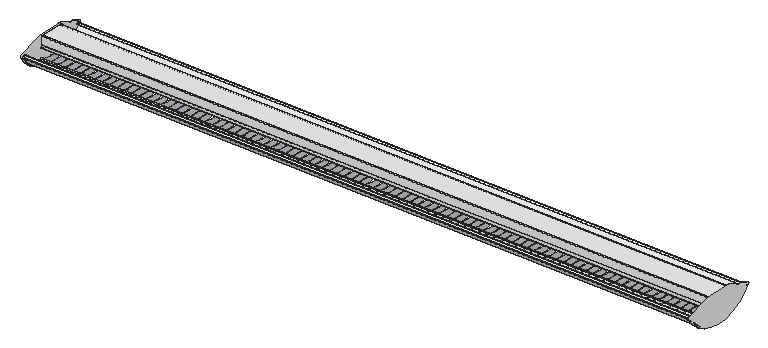
Revit family "LCBA92", category Lighting Fixtures, host Ceiling, Revit 2019 (continued)
Automatic sketch dimensions
  Extrusion 67 sketch curve to Extrusion 67 sketch curve = 0' - 0.13108"
  Extrusion 67 sketch curve to Extrusion 67 sketch curve = 0' - 0.13208"
  Extrusion 67 sketch curve to Extrusion 67 sketch curve = 0' - 0.00107"
  Extrusion 67 sketch curve to Extrusion 67 sketch curve = 0' - 0.00122"
  Extrusion 67 sketch curve to Extrusion 67 sketch curve = 0' - 0.17689"
  Extrusion 67 sketch curve to Extrusion 67 sketch curve = 0' - 0.1749"
  Extrusion 68 sketch curve to Extrusion 68 sketch curve = 0' - 5.49786"
  Extrusion 68 sketch curve to Extrusion 68 sketch curve = 0' - 0.72846"
  Extrusion 68 sketch curve to Extrusion 68 sketch curve = 0' - 0.24983"
  Extrusion 68 sketch curve to Extrusion 68 sketch curve = 0' - 0.04916"
  Extrusion 68 sketch curve to Extrusion 68 sketch curve = 0' - 0.53161"
  Extrusion 68 sketch curve to Extrusion 68 sketch curve = 0' - 0.11075"
  Extrusion 68 sketch curve to Extrusion 68 sketch curve = 0' - 0.0006"
  Extrusion 68 sketch curve to Extrusion 68 sketch curve = 0' - 0.0618"
  Extrusion 68 sketch curve to Extrusion 68 sketch curve = 0' - 0.05701"
  Extrusion 68 sketch curve to Extrusion 68 sketch curve = 0' - 0.25043"
  Extrusion 68 sketch curve to Extrusion 68 sketch curve = 0' - 0.11521"
  Extrusion 68 sketch curve to Extrusion 68 sketch curve = 0' - 0.04319"
  Extrusion 68 sketch curve to Extrusion 68 sketch curve = 0' - 0.08945"
  Extrusion 68 sketch curve to Extrusion 68 sketch curve = 0' - 0.05729"
  Extrusion 68 sketch curve to Extrusion 68 sketch curve = 0' - 0.02148"
  Extrusion 68 sketch curve to Extrusion 68 sketch curve = 0' - 0.04651"
  Extrusion 68 sketch curve to Extrusion 68 sketch curve = 0' - 0.11432"
  Extrusion 68 sketch curve to Extrusion 68 sketch curve = 0' - 0.00404"
  Extrusion 68 sketch curve to Extrusion 68 sketch curve = 0' - 0.06156"
  Extrusion 68 sketch curve to Extrusion 68 sketch curve = 0' - 0.05777"
  Extrusion 68 sketch curve to Extrusion 68 sketch curve = 0' - 0.24957"
  Extrusion 68 sketch curve to Extrusion 68 sketch curve = 0' - 0.1164"
  Extrusion 68 sketch curve to Extrusion 68 sketch curve = 0' - 0.0434"
  Extrusion 68 sketch curve to Extrusion 68 sketch curve = 0' - 0.08957"
  Extrusion 68 sketch curve to Extrusion 68 sketch curve = 0' - 0.05878"
  Extrusion 68 sketch curve to Extrusion 68 sketch curve = 0' - 0.02204"
  Extrusion 68 sketch curve to Extrusion 68 sketch curve = 0' - 0.11777"
  Extrusion 68 sketch curve to Extrusion 68 sketch curve = 0' - 1.81406"
  Extrusion 68 sketch curve to Extrusion 68 sketch curve = 0' - 0"
  Extrusion 68 sketch curve to Extrusion 68 sketch curve = 0' - 3.62674"
  Extrusion 68 sketch curve to Extrusion 68 sketch curve = 0' - 0.13108"
  Extrusion 68 sketch curve to Extrusion 68 sketch curve = 0' - 0.13208"
  Extrusion 68 sketch curve to Extrusion 68 sketch curve = 0' - 0.00107"
  Extrusion 68 sketch curve to Extrusion 68 sketch curve = 0' - 0.00122"
  Extrusion 68 sketch curve to Extrusion 68 sketch curve = 0' - 0.17689"
  Extrusion 68 sketch curve to Extrusion 68 sketch curve = 0' - 0.1749"
  Extrusion 69 sketch curve to Extrusion 69 sketch curve = 0' - 5.49786"
  Extrusion 69 sketch curve to Extrusion 69 sketch curve = 0' - 0.72846"
  Extrusion 69 sketch curve to Extrusion 69 sketch curve = 0' - 0.24983"
  Extrusion 69 sketch curve to Extrusion 69 sketch curve = 0' - 0.04916"
  Extrusion 69 sketch curve to Extrusion 69 sketch curve = 0' - 0.53161"
  Extrusion 69 sketch curve to Extrusion 69 sketch curve = 0' - 0.11075"
  Extrusion 69 sketch curve to Extrusion 69 sketch curve = 0' - 0.0006"
  Extrusion 69 sketch curve to Extrusion 69 sketch curve = 0' - 0.0618"
  Extrusion 69 sketch curve to Extrusion 69 sketch curve = 0' - 0.05701"
  Extrusion 69 sketch curve to Extrusion 69 sketch curve = 0' - 0.25043"
  Extrusion 69 sketch curve to Extrusion 69 sketch curve = 0' - 0.11521"
  Extrusion 69 sketch curve to Extrusion 69 sketch curve = 0' - 0.04319"
  Extrusion 69 sketch curve to Extrusion 69 sketch curve = 0' - 0.08945"
  Extrusion 69 sketch curve to Extrusion 69 sketch curve = 0' - 0.05729"
  Extrusion 69 sketch curve to Extrusion 69 sketch curve = 0' - 0.02148"
  Extrusion 69 sketch curve to Extrusion 69 sketch curve = 0' - 0.04651"
  Extrusion 69 sketch curve to Extrusion 69 sketch curve = 0' - 0.11432"
  Extrusion 69 sketch curve to Extrusion 69 sketch curve = 0' - 0.00404"
  Extrusion 69 sketch curve to Extrusion 69 sketch curve = 0' - 0.06156"
  Extrusion 69 sketch curve to Extrusion 69 sketch curve = 0' - 0.05777"
  Extrusion 69 sketch curve to Extrusion 69 sketch curve = 0' - 0.24957"
  Extrusion 69 sketch curve to Extrusion 69 sketch curve = 0' - 0.1164"
  Extrusion 69 sketch curve to Extrusion 69 sketch curve = 0' - 0.0434"
  Extrusion 69 sketch curve to Extrusion 69 sketch curve = 0' - 0.08957"
  Extrusion 69 sketch curve to Extrusion 69 sketch curve = 0' - 0.05878"
  Extrusion 69 sketch curve to Extrusion 69 sketch curve = 0' - 0.02204"
  Extrusion 69 sketch curve to Extrusion 69 sketch curve = 0' - 0.11777"
  Extrusion 69 sketch curve to Extrusion 69 sketch curve = 0' - 1.81406"
  Extrusion 69 sketch curve to Extrusion 69 sketch curve = 0' - 0"
  Extrusion 69 sketch curve to Extrusion 69 sketch curve = 0' - 3.62674"
  Extrusion 69 sketch curve to Extrusion 69 sketch curve = 0' - 0.13108"
  Extrusion 69 sketch curve to Extrusion 69 sketch curve = 0' - 0.13208"
  Extrusion 69 sketch curve to Extrusion 69 sketch curve = 0' - 0.00107"
  Extrusion 69 sketch curve to Extrusion 69 sketch curve = 0' - 0.00122"
  Extrusion 69 sketch curve to Extrusion 69 sketch curve = 0' - 0.17689"
  Extrusion 69 sketch curve to Extrusion 69 sketch curve = 0' - 0.1749"
  Extrusion 70 sketch curve to Extrusion 70 sketch curve = 0' - 5.49786"
  Extrusion 70 sketch curve to Extrusion 70 sketch curve = 0' - 0.72846"
  Extrusion 70 sketch curve to Extrusion 70 sketch curve = 0' - 0.24983"
  Extrusion 70 sketch curve to Extrusion 70 sketch curve = 0' - 0.04916"
  Extrusion 70 sketch curve to Extrusion 70 sketch curve = 0' - 0.53161"
  Extrusion 70 sketch curve to Extrusion 70 sketch curve = 0' - 0.11075"
  Extrusion 70 sketch curve to Extrusion 70 sketch curve = 0' - 0.0006"
  Extrusion 70 sketch curve to Extrusion 70 sketch curve = 0' - 0.0618"
  Extrusion 70 sketch curve to Extrusion 70 sketch curve = 0' - 0.05701"
  Extrusion 70 sketch curve to Extrusion 70 sketch curve = 0' - 0.25043"
  Extrusion 70 sketch curve to Extrusion 70 sketch curve = 0' - 0.11521"
  Extrusion 70 sketch curve to Extrusion 70 sketch curve = 0' - 0.04319"
  Extrusion 70 sketch curve to Extrusion 70 sketch curve = 0' - 0.08945"
  Extrusion 70 sketch curve to Extrusion 70 sketch curve = 0' - 0.05729"
  Extrusion 70 sketch curve to Extrusion 70 sketch curve = 0' - 0.02148"
  Extrusion 70 sketch curve to Extrusion 70 sketch curve = 0' - 0.04651"
  Extrusion 70 sketch curve to Extrusion 70 sketch curve = 0' - 0.11432"
  Extrusion 70 sketch curve to Extrusion 70 sketch curve = 0' - 0.00404"
  Extrusion 70 sketch curve to Extrusion 70 sketch curve = 0' - 0.06156"
  Extrusion 70 sketch curve to Extrusion 70 sketch curve = 0' - 0.05777"
  Extrusion 70 sketch curve to Extrusion 70 sketch curve = 0' - 0.24957"
  Extrusion 70 sketch curve to Extrusion 70 sketch curve = 0' - 0.1164"
  Extrusion 70 sketch curve to Extrusion 70 sketch curve = 0' - 0.0434"
  Extrusion 70 sketch curve to Extrusion 70 sketch curve = 0' - 0.08957"
  Extrusion 70 sketch curve to Extrusion 70 sketch curve = 0' - 0.05878"
  Extrusion 70 sketch curve to Extrusion 70 sketch curve = 0' - 0.02204"
  Extrusion 70 sketch curve to Extrusion 70 sketch curve = 0' - 0.11777"
  Extrusion 70 sketch curve to Extrusion 70 sketch curve = 0' - 1.81406"
  Extrusion 70 sketch curve to Extrusion 70 sketch curve = 0' - 0"
  Extrusion 70 sketch curve to Extrusion 70 sketch curve = 0' - 3.62674"
  Extrusion 70 sketch curve to Extrusion 70 sketch curve = 0' - 0.13108"
  Extrusion 70 sketch curve to Extrusion 70 sketch curve = 0' - 0.13208"
  Extrusion 70 sketch curve to Extrusion 70 sketch curve = 0' - 0.00107"
  Extrusion 70 sketch curve to Extrusion 70 sketch curve = 0' - 0.00122"
  Extrusion 70 sketch curve to Extrusion 70 sketch curve = 0' - 0.17689"
  Extrusion 70 sketch curve to Extrusion 70 sketch curve = 0' - 0.1749"
  Extrusion 71 sketch curve to Extrusion 71 sketch curve = 0' - 5.49786"
  Extrusion 71 sketch curve to Extrusion 71 sketch curve = 0' - 0.72846"
  Extrusion 71 sketch curve to Extrusion 71 sketch curve = 0' - 0.24983"
  Extrusion 71 sketch curve to Extrusion 71 sketch curve = 0' - 0.04916"
  Extrusion 71 sketch curve to Extrusion 71 sketch curve = 0' - 0.53161"
  Extrusion 71 sketch curve to Extrusion 71 sketch curve = 0' - 0.11075"
  Extrusion 71 sketch curve to Extrusion 71 sketch curve = 0' - 0.0006"
  Extrusion 71 sketch curve to Extrusion 71 sketch curve = 0' - 0.0618"
  Extrusion 71 sketch curve to Extrusion 71 sketch curve = 0' - 0.05701"
  Extrusion 71 sketch curve to Extrusion 71 sketch curve = 0' - 0.25043"
  Extrusion 71 sketch curve to Extrusion 71 sketch curve = 0' - 0.11521"
  Extrusion 71 sketch curve to Extrusion 71 sketch curve = 0' - 0.04319"
  Extrusion 71 sketch curve to Extrusion 71 sketch curve = 0' - 0.08945"
  Extrusion 71 sketch curve to Extrusion 71 sketch curve = 0' - 0.05729"
  Extrusion 71 sketch curve to Extrusion 71 sketch curve = 0' - 0.02148"
  Extrusion 71 sketch curve to Extrusion 71 sketch curve = 0' - 0.04651"
  Extrusion 71 sketch curve to Extrusion 71 sketch curve = 0' - 0.11432"
  Extrusion 71 sketch curve to Extrusion 71 sketch curve = 0' - 0.00404"
  Extrusion 71 sketch curve to Extrusion 71 sketch curve = 0' - 0.06156"
  Extrusion 71 sketch curve to Extrusion 71 sketch curve = 0' - 0.05777"
  Extrusion 71 sketch curve to Extrusion 71 sketch curve = 0' - 0.24957"
  Extrusion 71 sketch curve to Extrusion 71 sketch curve = 0' - 0.1164"
  Extrusion 71 sketch curve to Extrusion 71 sketch curve = 0' - 0.0434"
  Extrusion 71 sketch curve to Extrusion 71 sketch curve = 0' - 0.08957"
  Extrusion 71 sketch curve to Extrusion 71 sketch curve = 0' - 0.05878"
  Extrusion 71 sketch curve to Extrusion 71 sketch curve = 0' - 0.02204"
  Extrusion 71 sketch curve to Extrusion 71 sketch curve = 0' - 0.11777"
  Extrusion 71 sketch curve to Extrusion 71 sketch curve = 0' - 1.81406"
  Extrusion 71 sketch curve to Extrusion 71 sketch curve = 0' - 0"
  Extrusion 71 sketch curve to Extrusion 71 sketch curve = 0' - 3.62674"
  Extrusion 71 sketch curve to Extrusion 71 sketch curve = 0' - 0.13108"
  Extrusion 71 sketch curve to Extrusion 71 sketch curve = 0' - 0.13208"
  Extrusion 71 sketch curve to Extrusion 71 sketch curve = 0' - 0.00107"
  Extrusion 71 sketch curve to Extrusion 71 sketch curve = 0' - 0.00122"
  Extrusion 71 sketch curve to Extrusion 71 sketch curve = 0' - 0.17689"
  Extrusion 71 sketch curve to Extrusion 71 sketch curve = 0' - 0.1749"
  Extrusion 72 sketch curve to Extrusion 72 sketch curve = 0' - 5.49786"
  Extrusion 72 sketch curve to Extrusion 72 sketch curve = 0' - 0.72846"
  Extrusion 72 sketch curve to Extrusion 72 sketch curve = 0' - 0.24983"
  Extrusion 72 sketch curve to Extrusion 72 sketch curve = 0' - 0.04916"
  Extrusion 72 sketch curve to Extrusion 72 sketch curve = 0' - 0.53161"
  Extrusion 72 sketch curve to Extrusion 72 sketch curve = 0' - 0.11075"
  Extrusion 72 sketch curve to Extrusion 72 sketch curve = 0' - 0.0006"
  Extrusion 72 sketch curve to Extrusion 72 sketch curve = 0' - 0.0618"
  Extrusion 72 sketch curve to Extrusion 72 sketch curve = 0' - 0.05701"
  Extrusion 72 sketch curve to Extrusion 72 sketch curve = 0' - 0.25043"
  Extrusion 72 sketch curve to Extrusion 72 sketch curve = 0' - 0.11521"
  Extrusion 72 sketch curve to Extrusion 72 sketch curve = 0' - 0.04319"
  Extrusion 72 sketch curve to Extrusion 72 sketch curve = 0' - 0.08945"
  Extrusion 72 sketch curve to Extrusion 72 sketch curve = 0' - 0.05729"
  Extrusion 72 sketch curve to Extrusion 72 sketch curve = 0' - 0.02148"
  Extrusion 72 sketch curve to Extrusion 72 sketch curve = 0' - 0.04651"
  Extrusion 72 sketch curve to Extrusion 72 sketch curve = 0' - 0.11432"
  Extrusion 72 sketch curve to Extrusion 72 sketch curve = 0' - 0.00404"
  Extrusion 72 sketch curve to Extrusion 72 sketch curve = 0' - 0.06156"
  Extrusion 72 sketch curve to Extrusion 72 sketch curve = 0' - 0.05777"
  Extrusion 72 sketch curve to Extrusion 72 sketch curve = 0' - 0.24957"
  Extrusion 72 sketch curve to Extrusion 72 sketch curve = 0' - 0.1164"
  Extrusion 72 sketch curve to Extrusion 72 sketch curve = 0' - 0.0434"
  Extrusion 72 sketch curve to Extrusion 72 sketch curve = 0' - 0.08957"
  Extrusion 72 sketch curve to Extrusion 72 sketch curve = 0' - 0.05878"
  Extrusion 72 sketch curve to Extrusion 72 sketch curve = 0' - 0.02204"
  Extrusion 72 sketch curve to Extrusion 72 sketch curve = 0' - 0.11777"
  Extrusion 72 sketch curve to Extrusion 72 sketch curve = 0' - 1.81406"
  Extrusion 72 sketch curve to Extrusion 72 sketch curve = 0' - 0"
  Extrusion 72 sketch curve to Extrusion 72 sketch curve = 0' - 3.62674"
  Extrusion 72 sketch curve to Extrusion 72 sketch curve = 0' - 0.13108"
  Extrusion 72 sketch curve to Extrusion 72 sketch curve = 0' - 0.13208"
  Extrusion 72 sketch curve to Extrusion 72 sketch curve = 0' - 0.00107"
  Extrusion 72 sketch curve to Extrusion 72 sketch curve = 0' - 0.00122"
  Extrusion 72 sketch curve to Extrusion 72 sketch curve = 0' - 0.17689"
  Extrusion 72 sketch curve to Extrusion 72 sketch curve = 0' - 0.1749"
  Extrusion 73 sketch curve to Extrusion 73 sketch curve = 0' - 5.49786"
  Extrusion 73 sketch curve to Extrusion 73 sketch curve = 0' - 0.72846"
  Extrusion 73 sketch curve to Extrusion 73 sketch curve = 0' - 0.24983"
  Extrusion 73 sketch curve to Extrusion 73 sketch curve = 0' - 0.04916"
  Extrusion 73 sketch curve to Extrusion 73 sketch curve = 0' - 0.53161"
  Extrusion 73 sketch curve to Extrusion 73 sketch curve = 0' - 0.11075"
  Extrusion 73 sketch curve to Extrusion 73 sketch curve = 0' - 0.0006"
  Extrusion 73 sketch curve to Extrusion 73 sketch curve = 0' - 0.0618"
  Extrusion 73 sketch curve to Extrusion 73 sketch curve = 0' - 0.05701"
  Extrusion 73 sketch curve to Extrusion 73 sketch curve = 0' - 0.25043"
  Extrusion 73 sketch curve to Extrusion 73 sketch curve = 0' - 0.11521"
  Extrusion 73 sketch curve to Extrusion 73 sketch curve = 0' - 0.04319"
  Extrusion 73 sketch curve to Extrusion 73 sketch curve = 0' - 0.08945"
  Extrusion 73 sketch curve to Extrusion 73 sketch curve = 0' - 0.05729"
  Extrusion 73 sketch curve to Extrusion 73 sketch curve = 0' - 0.02148"
  Extrusion 73 sketch curve to Extrusion 73 sketch curve = 0' - 0.04651"
  Extrusion 73 sketch curve to Extrusion 73 sketch curve = 0' - 0.11432"
  Extrusion 73 sketch curve to Extrusion 73 sketch curve = 0' - 0.00404"
  Extrusion 73 sketch curve to Extrusion 73 sketch curve = 0' - 0.06156"
  Extrusion 73 sketch curve to Extrusion 73 sketch curve = 0' - 0.05777"
  Extrusion 73 sketch curve to Extrusion 73 sketch curve = 0' - 0.24957"
  Extrusion 73 sketch curve to Extrusion 73 sketch curve = 0' - 0.1164"
  Extrusion 73 sketch curve to Extrusion 73 sketch curve = 0' - 0.0434"
  Extrusion 73 sketch curve to Extrusion 73 sketch curve = 0' - 0.08957"
  Extrusion 73 sketch curve to Extrusion 73 sketch curve = 0' - 0.05878"
  Extrusion 73 sketch curve to Extrusion 73 sketch curve = 0' - 0.02204"
  Extrusion 73 sketch curve to Extrusion 73 sketch curve = 0' - 0.11777"
  Extrusion 73 sketch curve to Extrusion 73 sketch curve = 0' - 1.81406"
  Extrusion 73 sketch curve to Extrusion 73 sketch curve = 0' - 0"
  Extrusion 73 sketch curve to Extrusion 73 sketch curve = 0' - 3.62674"
  Extrusion 73 sketch curve to Extrusion 73 sketch curve = 0' - 0.13108"
  Extrusion 73 sketch curve to Extrusion 73 sketch curve = 0' - 0.13208"
  Extrusion 73 sketch curve to Extrusion 73 sketch curve = 0' - 0.00107"
  Extrusion 73 sketch curve to Extrusion 73 sketch curve = 0' - 0.00122"
  Extrusion 73 sketch curve to Extrusion 73 sketch curve = 0' - 0.17689"
  Extrusion 73 sketch curve to Extrusion 73 sketch curve = 0' - 0.1749"
  Extrusion 74 sketch curve to Extrusion 74 sketch curve = 0' - 5.49786"
  Extrusion 74 sketch curve to Extrusion 74 sketch curve = 0' - 0.72846"
  Extrusion 74 sketch curve to Extrusion 74 sketch curve = 0' - 0.24983"
  Extrusion 74 sketch curve to Extrusion 74 sketch curve = 0' - 0.04916"
  Extrusion 74 sketch curve to Extrusion 74 sketch curve = 0' - 0.53161"
  Extrusion 74 sketch curve to Extrusion 74 sketch curve = 0' - 0.11075"
  Extrusion 74 sketch curve to Extrusion 74 sketch curve = 0' - 0.0006"
  Extrusion 74 sketch curve to Extrusion 74 sketch curve = 0' - 0.0618"
  Extrusion 74 sketch curve to Extrusion 74 sketch curve = 0' - 0.05701"
  Extrusion 74 sketch curve to Extrusion 74 sketch curve = 0' - 0.25043"
  Extrusion 74 sketch curve to Extrusion 74 sketch curve = 0' - 0.11521"
  Extrusion 74 sketch curve to Extrusion 74 sketch curve = 0' - 0.04319"
  Extrusion 74 sketch curve to Extrusion 74 sketch curve = 0' - 0.08945"
  Extrusion 74 sketch curve to Extrusion 74 sketch curve = 0' - 0.05729"
  Extrusion 74 sketch curve to Extrusion 74 sketch curve = 0' - 0.02148"
  Extrusion 74 sketch curve to Extrusion 74 sketch curve = 0' - 0.04651"
  Extrusion 74 sketch curve to Extrusion 74 sketch curve = 0' - 0.11432"
  Extrusion 74 sketch curve to Extrusion 74 sketch curve = 0' - 0.00404"
  Extrusion 74 sketch curve to Extrusion 74 sketch curve = 0' - 0.06156"
  Extrusion 74 sketch curve to Extrusion 74 sketch curve = 0' - 0.05777"
  Extrusion 74 sketch curve to Extrusion 74 sketch curve = 0' - 0.24957"
  Extrusion 74 sketch curve to Extrusion 74 sketch curve = 0' - 0.1164"
  Extrusion 74 sketch curve to Extrusion 74 sketch curve = 0' - 0.0434"
  Extrusion 74 sketch curve to Extrusion 74 sketch curve = 0' - 0.08957"
  Extrusion 74 sketch curve to Extrusion 74 sketch curve = 0' - 0.05878"
  Extrusion 74 sketch curve to Extrusion 74 sketch curve = 0' - 0.02204"
  Extrusion 74 sketch curve to Extrusion 74 sketch curve = 0' - 0.11777"
  Extrusion 74 sketch curve to Extrusion 74 sketch curve = 0' - 1.81406"
  Extrusion 74 sketch curve to Extrusion 74 sketch curve = 0' - 0"
  Extrusion 74 sketch curve to Extrusion 74 sketch curve = 0' - 3.62674"
  Extrusion 74 sketch curve to Extrusion 74 sketch curve = 0' - 0.13108"
  Extrusion 74 sketch curve to Extrusion 74 sketch curve = 0' - 0.13208"
  Extrusion 74 sketch curve to Extrusion 74 sketch curve = 0' - 0.00107"
  Extrusion 74 sketch curve to Extrusion 74 sketch curve = 0' - 0.00122"
  Extrusion 74 sketch curve to Extrusion 74 sketch curve = 0' - 0.17689"
  Extrusion 74 sketch curve to Extrusion 74 sketch curve = 0' - 0.1749"
  Extrusion 75 sketch curve to Extrusion 75 sketch curve = 0' - 5.49786"
  Extrusion 75 sketch curve to Extrusion 75 sketch curve = 0' - 0.72846"
  Extrusion 75 sketch curve to Extrusion 75 sketch curve = 0' - 0.24983"
  Extrusion 75 sketch curve to Extrusion 75 sketch curve = 0' - 0.04916"
  Extrusion 75 sketch curve to Extrusion 75 sketch curve = 0' - 0.53161"
  Extrusion 75 sketch curve to Extrusion 75 sketch curve = 0' - 0.11075"
  Extrusion 75 sketch curve to Extrusion 75 sketch curve = 0' - 0.0006"
  Extrusion 75 sketch curve to Extrusion 75 sketch curve = 0' - 0.0618"
  Extrusion 75 sketch curve to Extrusion 75 sketch curve = 0' - 0.05701"
  Extrusion 75 sketch curve to Extrusion 75 sketch curve = 0' - 0.25043"
  Extrusion 75 sketch curve to Extrusion 75 sketch curve = 0' - 0.11521"
  Extrusion 75 sketch curve to Extrusion 75 sketch curve = 0' - 0.04319"
  Extrusion 75 sketch curve to Extrusion 75 sketch curve = 0' - 0.08945"
  Extrusion 75 sketch curve to Extrusion 75 sketch curve = 0' - 0.05729"
  Extrusion 75 sketch curve to Extrusion 75 sketch curve = 0' - 0.02148"
  Extrusion 75 sketch curve to Extrusion 75 sketch curve = 0' - 0.04651"
  Extrusion 75 sketch curve to Extrusion 75 sketch curve = 0' - 0.11432"
  Extrusion 75 sketch curve to Extrusion 75 sketch curve = 0' - 0.00404"
  Extrusion 75 sketch curve to Extrusion 75 sketch curve = 0' - 0.06156"
  Extrusion 75 sketch curve to Extrusion 75 sketch curve = 0' - 0.05777"
  Extrusion 75 sketch curve to Extrusion 75 sketch curve = 0' - 0.24957"
  Extrusion 75 sketch curve to Extrusion 75 sketch curve = 0' - 0.1164"
  Extrusion 75 sketch curve to Extrusion 75 sketch curve = 0' - 0.0434"
  Extrusion 75 sketch curve to Extrusion 75 sketch curve = 0' - 0.08957"
  Extrusion 75 sketch curve to Extrusion 75 sketch curve = 0' - 0.05878"
  Extrusion 75 sketch curve to Extrusion 75 sketch curve = 0' - 0.02204"
  Extrusion 75 sketch curve to Extrusion 75 sketch curve = 0' - 0.11777"
  Extrusion 75 sketch curve to Extrusion 75 sketch curve = 0' - 1.81406"
  Extrusion 75 sketch curve to Extrusion 75 sketch curve = 0' - 0"
  Extrusion 75 sketch curve to Extrusion 75 sketch curve = 0' - 3.62674"
  Extrusion 75 sketch curve to Extrusion 75 sketch curve = 0' - 0.13108"
  Extrusion 75 sketch curve to Extrusion 75 sketch curve = 0' - 0.13208"
  Extrusion 75 sketch curve to Extrusion 75 sketch curve = 0' - 0.00107"
  Extrusion 75 sketch curve to Extrusion 75 sketch curve = 0' - 0.00122"
  Extrusion 75 sketch curve to Extrusion 75 sketch curve = 0' - 0.17689"
  Extrusion 75 sketch curve to Extrusion 75 sketch curve = 0' - 0.1749"
  Extrusion 76 sketch curve to Extrusion 76 sketch curve = 0' - 5.49786"
  Extrusion 76 sketch curve to Extrusion 76 sketch curve = 0' - 0.72846"
  Extrusion 76 sketch curve to Extrusion 76 sketch curve = 0' - 0.24983"
  Extrusion 76 sketch curve to Extrusion 76 sketch curve = 0' - 0.04916"
  Extrusion 76 sketch curve to Extrusion 76 sketch curve = 0' - 0.53161"
  Extrusion 76 sketch curve to Extrusion 76 sketch curve = 0' - 0.11075"
  Extrusion 76 sketch curve to Extrusion 76 sketch curve = 0' - 0.0006"
  Extrusion 76 sketch curve to Extrusion 76 sketch curve = 0' - 0.0618"
  Extrusion 76 sketch curve to Extrusion 76 sketch curve = 0' - 0.05701"
  Extrusion 76 sketch curve to Extrusion 76 sketch curve = 0' - 0.25043"
  Extrusion 76 sketch curve to Extrusion 76 sketch curve = 0' - 0.11521"
  Extrusion 76 sketch curve to Extrusion 76 sketch curve = 0' - 0.04319"
  Extrusion 76 sketch curve to Extrusion 76 sketch curve = 0' - 0.08945"
  Extrusion 76 sketch curve to Extrusion 76 sketch curve = 0' - 0.05729"
  Extrusion 76 sketch curve to Extrusion 76 sketch curve = 0' - 0.02148"
  Extrusion 76 sketch curve to Extrusion 76 sketch curve = 0' - 0.04651"
  Extrusion 76 sketch curve to Extrusion 76 sketch curve = 0' - 0.11432"
  Extrusion 76 sketch curve to Extrusion 76 sketch curve = 0' - 0.00404"
  Extrusion 76 sketch curve to Extrusion 76 sketch curve = 0' - 0.06156"
  Extrusion 76 sketch curve to Extrusion 76 sketch curve = 0' - 0.05777"
  Extrusion 76 sketch curve to Extrusion 76 sketch curve = 0' - 0.24957"
  Extrusion 76 sketch curve to Extrusion 76 sketch curve = 0' - 0.1164"
  Extrusion 76 sketch curve to Extrusion 76 sketch curve = 0' - 0.0434"
  Extrusion 76 sketch curve to Extrusion 76 sketch curve = 0' - 0.08957"
  Extrusion 76 sketch curve to Extrusion 76 sketch curve = 0' - 0.05878"
  Extrusion 76 sketch curve to Extrusion 76 sketch curve = 0' - 0.02204"
  Extrusion 76 sketch curve to Extrusion 76 sketch curve = 0' - 0.11777"
  Extrusion 76 sketch curve to Extrusion 76 sketch curve = 0' - 1.81406"
  Extrusion 76 sketch curve to Extrusion 76 sketch curve = 0' - 0"
  Extrusion 76 sketch curve to Extrusion 76 sketch curve = 0' - 3.62674"
  Extrusion 76 sketch curve to Extrusion 76 sketch curve = 0' - 0.13108"
  Extrusion 76 sketch curve to Extrusion 76 sketch curve = 0' - 0.13208"
  Extrusion 76 sketch curve to Extrusion 76 sketch curve = 0' - 0.00107"
  Extrusion 76 sketch curve to Extrusion 76 sketch curve = 0' - 0.00122"
  Extrusion 76 sketch curve to Extrusion 76 sketch curve = 0' - 0.17689"
  Extrusion 76 sketch curve to Extrusion 76 sketch curve = 0' - 0.1749"
  Extrusion 77 sketch curve to Extrusion 77 sketch curve = 0' - 5.49786"
  Extrusion 77 sketch curve to Extrusion 77 sketch curve = 0' - 0.72846"
  Extrusion 77 sketch curve to Extrusion 77 sketch curve = 0' - 0.24983"
  Extrusion 77 sketch curve to Extrusion 77 sketch curve = 0' - 0.04916"
  Extrusion 77 sketch curve to Extrusion 77 sketch curve = 0' - 0.53161"
  Extrusion 77 sketch curve to Extrusion 77 sketch curve = 0' - 0.11075"
  Extrusion 77 sketch curve to Extrusion 77 sketch curve = 0' - 0.0006"
  Extrusion 77 sketch curve to Extrusion 77 sketch curve = 0' - 0.0618"
  Extrusion 77 sketch curve to Extrusion 77 sketch curve = 0' - 0.05701"
  Extrusion 77 sketch curve to Extrusion 77 sketch curve = 0' - 0.25043"
  Extrusion 77 sketch curve to Extrusion 77 sketch curve = 0' - 0.11521"
  Extrusion 77 sketch curve to Extrusion 77 sketch curve = 0' - 0.04319"
  Extrusion 77 sketch curve to Extrusion 77 sketch curve = 0' - 0.08945"
  Extrusion 77 sketch curve to Extrusion 77 sketch curve = 0' - 0.05729"
  Extrusion 77 sketch curve to Extrusion 77 sketch curve = 0' - 0.02148"
  Extrusion 77 sketch curve to Extrusion 77 sketch curve = 0' - 0.04651"
  Extrusion 77 sketch curve to Extrusion 77 sketch curve = 0' - 0.11432"
  Extrusion 77 sketch curve to Extrusion 77 sketch curve = 0' - 0.00404"
  Extrusion 77 sketch curve to Extrusion 77 sketch curve = 0' - 0.06156"
  Extrusion 77 sketch curve to Extrusion 77 sketch curve = 0' - 0.05777"
  Extrusion 77 sketch curve to Extrusion 77 sketch curve = 0' - 0.24957"
  Extrusion 77 sketch curve to Extrusion 77 sketch curve = 0' - 0.1164"
  Extrusion 77 sketch curve to Extrusion 77 sketch curve = 0' - 0.0434"
  Extrusion 77 sketch curve to Extrusion 77 sketch curve = 0' - 0.08957"
  Extrusion 77 sketch curve to Extrusion 77 sketch curve = 0' - 0.05878"
  Extrusion 77 sketch curve to Extrusion 77 sketch curve = 0' - 0.02204"
  Extrusion 77 sketch curve to Extrusion 77 sketch curve = 0' - 0.11777"
  Extrusion 77 sketch curve to Extrusion 77 sketch curve = 0' - 1.81406"
  Extrusion 77 sketch curve to Extrusion 77 sketch curve = 0' - 0"
  Extrusion 77 sketch curve to Extrusion 77 sketch curve = 0' - 3.62674"
  Extrusion 77 sketch curve to Extrusion 77 sketch curve = 0' - 0.13108"
  Extrusion 77 sketch curve to Extrusion 77 sketch curve = 0' - 0.13208"
  Extrusion 77 sketch curve to Extrusion 77 sketch curve = 0' - 0.00107"
  Extrusion 77 sketch curve to Extrusion 77 sketch curve = 0' - 0.00122"
  Extrusion 77 sketch curve to Extrusion 77 sketch curve = 0' - 0.17689"
  Extrusion 77 sketch curve to Extrusion 77 sketch curve = 0' - 0.1749"
  Extrusion 78 sketch curve to Extrusion 78 sketch curve = 0' - 5.49786"
  Extrusion 78 sketch curve to Extrusion 78 sketch curve = 0' - 0.72846"
  Extrusion 78 sketch curve to Extrusion 78 sketch curve = 0' - 0.24983"
  Extrusion 78 sketch curve to Extrusion 78 sketch curve = 0' - 0.04916"
  Extrusion 78 sketch curve to Extrusion 78 sketch curve = 0' - 0.53161"
  Extrusion 78 sketch curve to Extrusion 78 sketch curve = 0' - 0.11075"
  Extrusion 78 sketch curve to Extrusion 78 sketch curve = 0' - 0.0006"
  Extrusion 78 sketch curve to Extrusion 78 sketch curve = 0' - 0.0618"
  Extrusion 78 sketch curve to Extrusion 78 sketch curve = 0' - 0.05701"
  Extrusion 78 sketch curve to Extrusion 78 sketch curve = 0' - 0.25043"
  Extrusion 78 sketch curve to Extrusion 78 sketch curve = 0' - 0.11521"
  Extrusion 78 sketch curve to Extrusion 78 sketch curve = 0' - 0.04319"
  Extrusion 78 sketch curve to Extrusion 78 sketch curve = 0' - 0.08945"
  Extrusion 78 sketch curve to Extrusion 78 sketch curve = 0' - 0.05729"
  Extrusion 78 sketch curve to Extrusion 78 sketch curve = 0' - 0.02148"
  Extrusion 78 sketch curve to Extrusion 78 sketch curve = 0' - 0.04651"
  Extrusion 78 sketch curve to Extrusion 78 sketch curve = 0' - 0.11432"
  Extrusion 78 sketch curve to Extrusion 78 sketch curve = 0' - 0.00404"
  Extrusion 78 sketch curve to Extrusion 78 sketch curve = 0' - 0.06156"
  Extrusion 78 sketch curve to Extrusion 78 sketch curve = 0' - 0.05777"
  Extrusion 78 sketch curve to Extrusion 78 sketch curve = 0' - 0.24957"
  Extrusion 78 sketch curve to Extrusion 78 sketch curve = 0' - 0.1164"
  Extrusion 78 sketch curve to Extrusion 78 sketch curve = 0' - 0.0434"
  Extrusion 78 sketch curve to Extrusion 78 sketch curve = 0' - 0.08957"
  Extrusion 78 sketch curve to Extrusion 78 sketch curve = 0' - 0.05878"
  Extrusion 78 sketch curve to Extrusion 78 sketch curve = 0' - 0.02204"
  Extrusion 78 sketch curve to Extrusion 78 sketch curve = 0' - 0.11777"
  Extrusion 78 sketch curve to Extrusion 78 sketch curve = 0' - 1.81406"
  Extrusion 78 sketch curve to Extrusion 78 sketch curve = 0' - 0"
  Extrusion 78 sketch curve to Extrusion 78 sketch curve = 0' - 3.62674"
  Extrusion 78 sketch curve to Extrusion 78 sketch curve = 0' - 0.13108"
  Extrusion 78 sketch curve to Extrusion 78 sketch curve = 0' - 0.13208"
  Extrusion 78 sketch curve to Extrusion 78 sketch curve = 0' - 0.00107"
  Extrusion 78 sketch curve to Extrusion 78 sketch curve = 0' - 0.00122"
  Extrusion 78 sketch curve to Extrusion 78 sketch curve = 0' - 0.17689"
  Extrusion 78 sketch curve to Extrusion 78 sketch curve = 0' - 0.1749"
  Extrusion 79 sketch curve to Extrusion 79 sketch curve = 0' - 5.49786"
  Extrusion 79 sketch curve to Extrusion 79 sketch curve = 0' - 0.72846"
  Extrusion 79 sketch curve to Extrusion 79 sketch curve = 0' - 0.24983"
  Extrusion 79 sketch curve to Extrusion 79 sketch curve = 0' - 0.04916"
  Extrusion 79 sketch curve to Extrusion 79 sketch curve = 0' - 0.53161"
  Extrusion 79 sketch curve to Extrusion 79 sketch curve = 0' - 0.11075"
  Extrusion 79 sketch curve to Extrusion 79 sketch curve = 0' - 0.0006"
  Extrusion 79 sketch curve to Extrusion 79 sketch curve = 0' - 0.0618"
  Extrusion 79 sketch curve to Extrusion 79 sketch curve = 0' - 0.05701"
  Extrusion 79 sketch curve to Extrusion 79 sketch curve = 0' - 0.25043"
  Extrusion 79 sketch curve to Extrusion 79 sketch curve = 0' - 0.11521"
  Extrusion 79 sketch curve to Extrusion 79 sketch curve = 0' - 0.04319"
  Extrusion 79 sketch curve to Extrusion 79 sketch curve = 0' - 0.08945"
  Extrusion 79 sketch curve to Extrusion 79 sketch curve = 0' - 0.05729"
  Extrusion 79 sketch curve to Extrusion 79 sketch curve = 0' - 0.02148"
  Extrusion 79 sketch curve to Extrusion 79 sketch curve = 0' - 0.04651"
  Extrusion 79 sketch curve to Extrusion 79 sketch curve = 0' - 0.11432"
  Extrusion 79 sketch curve to Extrusion 79 sketch curve = 0' - 0.00404"
  Extrusion 79 sketch curve to Extrusion 79 sketch curve = 0' - 0.06156"
  Extrusion 79 sketch curve to Extrusion 79 sketch curve = 0' - 0.05777"
  Extrusion 79 sketch curve to Extrusion 79 sketch curve = 0' - 0.24957"
  Extrusion 79 sketch curve to Extrusion 79 sketch curve = 0' - 0.1164"
  Extrusion 79 sketch curve to Extrusion 79 sketch curve = 0' - 0.0434"
  Extrusion 79 sketch curve to Extrusion 79 sketch curve = 0' - 0.08957"
  Extrusion 79 sketch curve to Extrusion 79 sketch curve = 0' - 0.05878"
  Extrusion 79 sketch curve to Extrusion 79 sketch curve = 0' - 0.02204"
  Extrusion 79 sketch curve to Extrusion 79 sketch curve = 0' - 0.11777"
  Extrusion 79 sketch curve to Extrusion 79 sketch curve = 0' - 1.81406"
  Extrusion 79 sketch curve to Extrusion 79 sketch curve = 0' - 0"
  Extrusion 79 sketch curve to Extrusion 79 sketch curve = 0' - 3.62674"
  Extrusion 79 sketch curve to Extrusion 79 sketch curve = 0' - 0.13108"
  Extrusion 79 sketch curve to Extrusion 79 sketch curve = 0' - 0.13208"
  Extrusion 79 sketch curve to Extrusion 79 sketch curve = 0' - 0.00107"
  Extrusion 79 sketch curve to Extrusion 79 sketch curve = 0' - 0.00122"
  Extrusion 79 sketch curve to Extrusion 79 sketch curve = 0' - 0.17689"
  Extrusion 79 sketch curve to Extrusion 79 sketch curve = 0' - 0.1749"
  Extrusion 80 sketch curve to Extrusion 80 sketch curve = 0' - 5.49786"
  Extrusion 80 sketch curve to Extrusion 80 sketch curve = 0' - 0.72846"
  Extrusion 80 sketch curve to Extrusion 80 sketch curve = 0' - 0.24983"
  Extrusion 80 sketch curve to Extrusion 80 sketch curve = 0' - 0.04916"
  Extrusion 80 sketch curve to Extrusion 80 sketch curve = 0' - 0.53161"
  Extrusion 80 sketch curve to Extrusion 80 sketch curve = 0' - 0.11075"
  Extrusion 80 sketch curve to Extrusion 80 sketch curve = 0' - 0.0006"
  Extrusion 80 sketch curve to Extrusion 80 sketch curve = 0' - 0.0618"
  Extrusion 80 sketch curve to Extrusion 80 sketch curve = 0' - 0.05701"
  Extrusion 80 sketch curve to Extrusion 80 sketch curve = 0' - 0.25043"
  Extrusion 80 sketch curve to Extrusion 80 sketch curve = 0' - 0.11521"
  Extrusion 80 sketch curve to Extrusion 80 sketch curve = 0' - 0.04319"
  Extrusion 80 sketch curve to Extrusion 80 sketch curve = 0' - 0.08945"
  Extrusion 80 sketch curve to Extrusion 80 sketch curve = 0' - 0.05729"
  Extrusion 80 sketch curve to Extrusion 80 sketch curve = 0' - 0.02148"
  Extrusion 80 sketch curve to Extrusion 80 sketch curve = 0' - 0.04651"
  Extrusion 80 sketch curve to Extrusion 80 sketch curve = 0' - 0.11432"
  Extrusion 80 sketch curve to Extrusion 80 sketch curve = 0' - 0.00404"
  Extrusion 80 sketch curve to Extrusion 80 sketch curve = 0' - 0.06156"
  Extrusion 80 sketch curve to Extrusion 80 sketch curve = 0' - 0.05777"
  Extrusion 80 sketch curve to Extrusion 80 sketch curve = 0' - 0.24957"
  Extrusion 80 sketch curve to Extrusion 80 sketch curve = 0' - 0.1164"
  Extrusion 80 sketch curve to Extrusion 80 sketch curve = 0' - 0.0434"
  Extrusion 80 sketch curve to Extrusion 80 sketch curve = 0' - 0.08957"
  Extrusion 80 sketch curve to Extrusion 80 sketch curve = 0' - 0.05878"
  Extrusion 80 sketch curve to Extrusion 80 sketch curve = 0' - 0.02204"
  Extrusion 80 sketch curve to Extrusion 80 sketch curve = 0' - 0.11777"
  Extrusion 80 sketch curve to Extrusion 80 sketch curve = 0' - 1.81406"
  Extrusion 80 sketch curve to Extrusion 80 sketch curve = 0' - 0"
  Extrusion 80 sketch curve to Extrusion 80 sketch curve = 0' - 3.62674"
  Extrusion 80 sketch curve to Extrusion 80 sketch curve = 0' - 0.13108"
  Extrusion 80 sketch curve to Extrusion 80 sketch curve = 0' - 0.13208"
  Extrusion 80 sketch curve to Extrusion 80 sketch curve = 0' - 0.00107"
  Extrusion 80 sketch curve to Extrusion 80 sketch curve = 0' - 0.00122"
  Extrusion 80 sketch curve to Extrusion 80 sketch curve = 0' - 0.17689"
  Extrusion 80 sketch curve to Extrusion 80 sketch curve = 0' - 0.1749"
  Extrusion 81 sketch curve to Extrusion 81 sketch curve = 0' - 5.49786"
  Extrusion 81 sketch curve to Extrusion 81 sketch curve = 0' - 0.72846"
  Extrusion 81 sketch curve to Extrusion 81 sketch curve = 0' - 0.24983"
  Extrusion 81 sketch curve to Extrusion 81 sketch curve = 0' - 0.04916"
  Extrusion 81 sketch curve to Extrusion 81 sketch curve = 0' - 0.53161"
  Extrusion 81 sketch curve to Extrusion 81 sketch curve = 0' - 0.11075"
  Extrusion 81 sketch curve to Extrusion 81 sketch curve = 0' - 0.0006"
  Extrusion 81 sketch curve to Extrusion 81 sketch curve = 0' - 0.0618"
  Extrusion 81 sketch curve to Extrusion 81 sketch curve = 0' - 0.05701"
  Extrusion 81 sketch curve to Extrusion 81 sketch curve = 0' - 0.25043"
  Extrusion 81 sketch curve to Extrusion 81 sketch curve = 0' - 0.11521"
  Extrusion 81 sketch curve to Extrusion 81 sketch curve = 0' - 0.04319"
  Extrusion 81 sketch curve to Extrusion 81 sketch curve = 0' - 0.08945"
  Extrusion 81 sketch curve to Extrusion 81 sketch curve = 0' - 0.05729"
  Extrusion 81 sketch curve to Extrusion 81 sketch curve = 0' - 0.02148"
  Extrusion 81 sketch curve to Extrusion 81 sketch curve = 0' - 0.04651"
  Extrusion 81 sketch curve to Extrusion 81 sketch curve = 0' - 0.11432"
  Extrusion 81 sketch curve to Extrusion 81 sketch curve = 0' - 0.00404"
  Extrusion 81 sketch curve to Extrusion 81 sketch curve = 0' - 0.06156"
  Extrusion 81 sketch curve to Extrusion 81 sketch curve = 0' - 0.05777"
  Extrusion 81 sketch curve to Extrusion 81 sketch curve = 0' - 0.24957"
  Extrusion 81 sketch curve to Extrusion 81 sketch curve = 0' - 0.1164"
  Extrusion 81 sketch curve to Extrusion 81 sketch curve = 0' - 0.0434"
  Extrusion 81 sketch curve to Extrusion 81 sketch curve = 0' - 0.08957"
  Extrusion 81 sketch curve to Extrusion 81 sketch curve = 0' - 0.05878"
  Extrusion 81 sketch curve to Extrusion 81 sketch curve = 0' - 0.02204"
  Extrusion 81 sketch curve to Extrusion 81 sketch curve = 0' - 0.11777"
  Extrusion 81 sketch curve to Extrusion 81 sketch curve = 0' - 1.81406"
  Extrusion 81 sketch curve to Extrusion 81 sketch curve = 0' - 0"
  Extrusion 81 sketch curve to Extrusion 81 sketch curve = 0' - 3.62674"
  Extrusion 81 sketch curve to Extrusion 81 sketch curve = 0' - 0.13108"
  Extrusion 81 sketch curve to Extrusion 81 sketch curve = 0' - 0.13208"
  Extrusion 81 sketch curve to Extrusion 81 sketch curve = 0' - 0.00107"
  Extrusion 81 sketch curve to Extrusion 81 sketch curve = 0' - 0.00122"
  Extrusion 81 sketch curve to Extrusion 81 sketch curve = 0' - 0.17689"
  Extrusion 81 sketch curve to Extrusion 81 sketch curve = 0' - 0.1749"
  Extrusion 82 sketch curve to Extrusion 82 sketch curve = 0' - 5.49786"
  Extrusion 82 sketch curve to Extrusion 82 sketch curve = 0' - 0.72846"
  Extrusion 82 sketch curve to Extrusion 82 sketch curve = 0' - 0.24983"
  Extrusion 82 sketch curve to Extrusion 82 sketch curve = 0' - 0.04916"
  Extrusion 82 sketch curve to Extrusion 82 sketch curve = 0' - 0.53161"
  Extrusion 82 sketch curve to Extrusion 82 sketch curve = 0' - 0.11075"
  Extrusion 82 sketch curve to Extrusion 82 sketch curve = 0' - 0.0006"
  Extrusion 82 sketch curve to Extrusion 82 sketch curve = 0' - 0.0618"
  Extrusion 82 sketch curve to Extrusion 82 sketch curve = 0' - 0.05701"
  Extrusion 82 sketch curve to Extrusion 82 sketch curve = 0' - 0.25043"
  Extrusion 82 sketch curve to Extrusion 82 sketch curve = 0' - 0.11521"
  Extrusion 82 sketch curve to Extrusion 82 sketch curve = 0' - 0.04319"
  Extrusion 82 sketch curve to Extrusion 82 sketch curve = 0' - 0.08945"
  Extrusion 82 sketch curve to Extrusion 82 sketch curve = 0' - 0.05729"
  Extrusion 82 sketch curve to Extrusion 82 sketch curve = 0' - 0.02148"
  Extrusion 82 sketch curve to Extrusion 82 sketch curve = 0' - 0.04651"
  Extrusion 82 sketch curve to Extrusion 82 sketch curve = 0' - 0.11432"
  Extrusion 82 sketch curve to Extrusion 82 sketch curve = 0' - 0.00404"
  Extrusion 82 sketch curve to Extrusion 82 sketch curve = 0' - 0.06156"
  Extrusion 82 sketch curve to Extrusion 82 sketch curve = 0' - 0.05777"
  Extrusion 82 sketch curve to Extrusion 82 sketch curve = 0' - 0.24957"
  Extrusion 82 sketch curve to Extrusion 82 sketch curve = 0' - 0.1164"
  Extrusion 82 sketch curve to Extrusion 82 sketch curve = 0' - 0.0434"
  Extrusion 82 sketch curve to Extrusion 82 sketch curve = 0' - 0.08957"
  Extrusion 82 sketch curve to Extrusion 82 sketch curve = 0' - 0.05878"
  Extrusion 82 sketch curve to Extrusion 82 sketch curve = 0' - 0.02204"
  Extrusion 82 sketch curve to Extrusion 82 sketch curve = 0' - 0.11777"
  Extrusion 82 sketch curve to Extrusion 82 sketch curve = 0' - 1.81406"
  Extrusion 82 sketch curve to Extrusion 82 sketch curve = 0' - 0"
  Extrusion 82 sketch curve to Extrusion 82 sketch curve = 0' - 3.62674"
  Extrusion 82 sketch curve to Extrusion 82 sketch curve = 0' - 0.13108"
  Extrusion 82 sketch curve to Extrusion 82 sketch curve = 0' - 0.13208"
  Extrusion 82 sketch curve to Extrusion 82 sketch curve = 0' - 0.00107"
  Extrusion 82 sketch curve to Extrusion 82 sketch curve = 0' - 0.00122"
  Extrusion 82 sketch curve to Extrusion 82 sketch curve = 0' - 0.17689"
  Extrusion 82 sketch curve to Extrusion 82 sketch curve = 0' - 0.1749"
  Extrusion 83 sketch curve to Extrusion 83 sketch curve = 0' - 5.49786"
  Extrusion 83 sketch curve to Extrusion 83 sketch curve = 0' - 0.72846"
  Extrusion 83 sketch curve to Extrusion 83 sketch curve = 0' - 0.24983"
  Extrusion 83 sketch curve to Extrusion 83 sketch curve = 0' - 0.04916"
  Extrusion 83 sketch curve to Extrusion 83 sketch curve = 0' - 0.53161"
  Extrusion 83 sketch curve to Extrusion 83 sketch curve = 0' - 0.11075"
  Extrusion 83 sketch curve to Extrusion 83 sketch curve = 0' - 0.0006"
  Extrusion 83 sketch curve to Extrusion 83 sketch curve = 0' - 0.0618"
  Extrusion 83 sketch curve to Extrusion 83 sketch curve = 0' - 0.05701"
  Extrusion 83 sketch curve to Extrusion 83 sketch curve = 0' - 0.25043"
  Extrusion 83 sketch curve to Extrusion 83 sketch curve = 0' - 0.11521"
  Extrusion 83 sketch curve to Extrusion 83 sketch curve = 0' - 0.04319"
  Extrusion 83 sketch curve to Extrusion 83 sketch curve = 0' - 0.08945"
  Extrusion 83 sketch curve to Extrusion 83 sketch curve = 0' - 0.05729"
  Extrusion 83 sketch curve to Extrusion 83 sketch curve = 0' - 0.02148"
  Extrusion 83 sketch curve to Extrusion 83 sketch curve = 0' - 0.04651"
  Extrusion 83 sketch curve to Extrusion 83 sketch curve = 0' - 0.11432"
  Extrusion 83 sketch curve to Extrusion 83 sketch curve = 0' - 0.00404"
  Extrusion 83 sketch curve to Extrusion 83 sketch curve = 0' - 0.06156"
  Extrusion 83 sketch curve to Extrusion 83 sketch curve = 0' - 0.05777"
  Extrusion 83 sketch curve to Extrusion 83 sketch curve = 0' - 0.24957"
  Extrusion 83 sketch curve to Extrusion 83 sketch curve = 0' - 0.1164"
  Extrusion 83 sketch curve to Extrusion 83 sketch curve = 0' - 0.0434"
  Extrusion 83 sketch curve to Extrusion 83 sketch curve = 0' - 0.08957"
  Extrusion 83 sketch curve to Extrusion 83 sketch curve = 0' - 0.05878"
  Extrusion 83 sketch curve to Extrusion 83 sketch curve = 0' - 0.02204"
  Extrusion 83 sketch curve to Extrusion 83 sketch curve = 0' - 0.11777"
  Extrusion 83 sketch curve to Extrusion 83 sketch curve = 0' - 1.81406"
  Extrusion 83 sketch curve to Extrusion 83 sketch curve = 0' - 0"
  Extrusion 83 sketch curve to Extrusion 83 sketch curve = 0' - 3.62674"
  Extrusion 83 sketch curve to Extrusion 83 sketch curve = 0' - 0.13108"
  Extrusion 83 sketch curve to Extrusion 83 sketch curve = 0' - 0.13208"
  Extrusion 83 sketch curve to Extrusion 83 sketch curve = 0' - 0.00107"
  Extrusion 83 sketch curve to Extrusion 83 sketch curve = 0' - 0.00122"
  Extrusion 83 sketch curve to Extrusion 83 sketch curve = 0' - 0.17689"
  Extrusion 83 sketch curve to Extrusion 83 sketch curve = 0' - 0.1749"
  Extrusion 84 sketch curve to Extrusion 84 sketch curve = 0' - 5.49786"
  Extrusion 84 sketch curve to Extrusion 84 sketch curve = 0' - 0.72846"
  Extrusion 84 sketch curve to Extrusion 84 sketch curve = 0' - 0.24983"
  Extrusion 84 sketch curve to Extrusion 84 sketch curve = 0' - 0.04916"
  Extrusion 84 sketch curve to Extrusion 84 sketch curve = 0' - 0.53161"
  Extrusion 84 sketch curve to Extrusion 84 sketch curve = 0' - 0.11075"
  Extrusion 84 sketch curve to Extrusion 84 sketch curve = 0' - 0.0006"
  Extrusion 84 sketch curve to Extrusion 84 sketch curve = 0' - 0.0618"
  Extrusion 84 sketch curve to Extrusion 84 sketch curve = 0' - 0.05701"
  Extrusion 84 sketch curve to Extrusion 84 sketch curve = 0' - 0.25043"
  Extrusion 84 sketch curve to Extrusion 84 sketch curve = 0' - 0.11521"
  Extrusion 84 sketch curve to Extrusion 84 sketch curve = 0' - 0.04319"
  Extrusion 84 sketch curve to Extrusion 84 sketch curve = 0' - 0.08945"
  Extrusion 84 sketch curve to Extrusion 84 sketch curve = 0' - 0.05729"
  Extrusion 84 sketch curve to Extrusion 84 sketch curve = 0' - 0.02148"
  Extrusion 84 sketch curve to Extrusion 84 sketch curve = 0' - 0.04651"
  Extrusion 84 sketch curve to Extrusion 84 sketch curve = 0' - 0.11432"
  Extrusion 84 sketch curve to Extrusion 84 sketch curve = 0' - 0.00404"
  Extrusion 84 sketch curve to Extrusion 84 sketch curve = 0' - 0.06156"
  Extrusion 84 sketch curve to Extrusion 84 sketch curve = 0' - 0.05777"
  Extrusion 84 sketch curve to Extrusion 84 sketch curve = 0' - 0.24957"
  Extrusion 84 sketch curve to Extrusion 84 sketch curve = 0' - 0.1164"
  Extrusion 84 sketch curve to Extrusion 84 sketch curve = 0' - 0.0434"
  Extrusion 84 sketch curve to Extrusion 84 sketch curve = 0' - 0.08957"
  Extrusion 84 sketch curve to Extrusion 84 sketch curve = 0' - 0.05878"
  Extrusion 84 sketch curve to Extrusion 84 sketch curve = 0' - 0.02204"
  Extrusion 84 sketch curve to Extrusion 84 sketch curve = 0' - 0.11777"
  Extrusion 84 sketch curve to Extrusion 84 sketch curve = 0' - 1.81406"
  Extrusion 84 sketch curve to Extrusion 84 sketch curve = 0' - 0"
  Extrusion 84 sketch curve to Extrusion 84 sketch curve = 0' - 3.62674"
  Extrusion 84 sketch curve to Extrusion 84 sketch curve = 0' - 0.13108"
  Extrusion 84 sketch curve to Extrusion 84 sketch curve = 0' - 0.13208"
  Extrusion 84 sketch curve to Extrusion 84 sketch curve = 0' - 0.00107"
  Extrusion 84 sketch curve to Extrusion 84 sketch curve = 0' - 0.00122"
  Extrusion 84 sketch curve to Extrusion 84 sketch curve = 0' - 0.17689"
  Extrusion 84 sketch curve to Extrusion 84 sketch curve = 0' - 0.1749"
  Extrusion 85 sketch curve to Extrusion 85 sketch curve = 0' - 5.49786"
  Extrusion 85 sketch curve to Extrusion 85 sketch curve = 0' - 0.72846"
  Extrusion 85 sketch curve to Extrusion 85 sketch curve = 0' - 0.24983"
  Extrusion 85 sketch curve to Extrusion 85 sketch curve = 0' - 0.04916"
  Extrusion 85 sketch curve to Extrusion 85 sketch curve = 0' - 0.53161"
  Extrusion 85 sketch curve to Extrusion 85 sketch curve = 0' - 0.11075"
  Extrusion 85 sketch curve to Extrusion 85 sketch curve = 0' - 0.0006"
  Extrusion 85 sketch curve to Extrusion 85 sketch curve = 0' - 0.0618"
  Extrusion 85 sketch curve to Extrusion 85 sketch curve = 0' - 0.05701"
  Extrusion 85 sketch curve to Extrusion 85 sketch curve = 0' - 0.25043"
  Extrusion 85 sketch curve to Extrusion 85 sketch curve = 0' - 0.11521"
  Extrusion 85 sketch curve to Extrusion 85 sketch curve = 0' - 0.04319"
  Extrusion 85 sketch curve to Extrusion 85 sketch curve = 0' - 0.08945"
  Extrusion 85 sketch curve to Extrusion 85 sketch curve = 0' - 0.05729"
  Extrusion 85 sketch curve to Extrusion 85 sketch curve = 0' - 0.02148"
  Extrusion 85 sketch curve to Extrusion 85 sketch curve = 0' - 0.04651"
  Extrusion 85 sketch curve to Extrusion 85 sketch curve = 0' - 0.11432"
  Extrusion 85 sketch curve to Extrusion 85 sketch curve = 0' - 0.00404"
  Extrusion 85 sketch curve to Extrusion 85 sketch curve = 0' - 0.06156"
  Extrusion 85 sketch curve to Extrusion 85 sketch curve = 0' - 0.05777"
  Extrusion 85 sketch curve to Extrusion 85 sketch curve = 0' - 0.24957"
  Extrusion 85 sketch curve to Extrusion 85 sketch curve = 0' - 0.1164"
  Extrusion 85 sketch curve to Extrusion 85 sketch curve = 0' - 0.0434"
  Extrusion 85 sketch curve to Extrusion 85 sketch curve = 0' - 0.08957"
  Extrusion 85 sketch curve to Extrusion 85 sketch curve = 0' - 0.05878"
  Extrusion 85 sketch curve to Extrusion 85 sketch curve = 0' - 0.02204"
  Extrusion 85 sketch curve to Extrusion 85 sketch curve = 0' - 0.11777"
  Extrusion 85 sketch curve to Extrusion 85 sketch curve = 0' - 1.81406"
  Extrusion 85 sketch curve to Extrusion 85 sketch curve = 0' - 0"
  Extrusion 85 sketch curve to Extrusion 85 sketch curve = 0' - 3.62674"
  Extrusion 85 sketch curve to Extrusion 85 sketch curve = 0' - 0.13108"
  Extrusion 85 sketch curve to Extrusion 85 sketch curve = 0' - 0.13208"
  Extrusion 85 sketch curve to Extrusion 85 sketch curve = 0' - 0.00107"
  Extrusion 85 sketch curve to Extrusion 85 sketch curve = 0' - 0.00122"
  Extrusion 85 sketch curve to Extrusion 85 sketch curve = 0' - 0.17689"
  Extrusion 85 sketch curve to Extrusion 85 sketch curve = 0' - 0.1749"
  Extrusion 86 sketch curve to Extrusion 86 sketch curve = 0' - 5.49786"
  Extrusion 86 sketch curve to Extrusion 86 sketch curve = 0' - 0.72846"
  Extrusion 86 sketch curve to Extrusion 86 sketch curve = 0' - 0.24983"
  Extrusion 86 sketch curve to Extrusion 86 sketch curve = 0' - 0.04916"
  Extrusion 86 sketch curve to Extrusion 86 sketch curve = 0' - 0.53161"
  Extrusion 86 sketch curve to Extrusion 86 sketch curve = 0' - 0.11075"
  Extrusion 86 sketch curve to Extrusion 86 sketch curve = 0' - 0.0006"
  Extrusion 86 sketch curve to Extrusion 86 sketch curve = 0' - 0.0618"
  Extrusion 86 sketch curve to Extrusion 86 sketch curve = 0' - 0.05701"
  Extrusion 86 sketch curve to Extrusion 86 sketch curve = 0' - 0.25043"
  Extrusion 86 sketch curve to Extrusion 86 sketch curve = 0' - 0.11521"
  Extrusion 86 sketch curve to Extrusion 86 sketch curve = 0' - 0.04319"
  Extrusion 86 sketch curve to Extrusion 86 sketch curve = 0' - 0.08945"
  Extrusion 86 sketch curve to Extrusion 86 sketch curve = 0' - 0.05729"
  Extrusion 86 sketch curve to Extrusion 86 sketch curve = 0' - 0.02148"
  Extrusion 86 sketch curve to Extrusion 86 sketch curve = 0' - 0.04651"
  Extrusion 86 sketch curve to Extrusion 86 sketch curve = 0' - 0.11432"
  Extrusion 86 sketch curve to Extrusion 86 sketch curve = 0' - 0.00404"
  Extrusion 86 sketch curve to Extrusion 86 sketch curve = 0' - 0.06156"
  Extrusion 86 sketch curve to Extrusion 86 sketch curve = 0' - 0.05777"
  Extrusion 86 sketch curve to Extrusion 86 sketch curve = 0' - 0.24957"
  Extrusion 86 sketch curve to Extrusion 86 sketch curve = 0' - 0.1164"
  Extrusion 86 sketch curve to Extrusion 86 sketch curve = 0' - 0.0434"
  Extrusion 86 sketch curve to Extrusion 86 sketch curve = 0' - 0.08957"
  Extrusion 86 sketch curve to Extrusion 86 sketch curve = 0' - 0.05878"
  Extrusion 86 sketch curve to Extrusion 86 sketch curve = 0' - 0.02204"
  Extrusion 86 sketch curve to Extrusion 86 sketch curve = 0' - 0.11777"
  Extrusion 86 sketch curve to Extrusion 86 sketch curve = 0' - 1.81406"
  Extrusion 86 sketch curve to Extrusion 86 sketch curve = 0' - 0"
  Extrusion 86 sketch curve to Extrusion 86 sketch curve = 0' - 3.62674"
  Extrusion 86 sketch curve to Extrusion 86 sketch curve = 0' - 0.13108"
  Extrusion 86 sketch curve to Extrusion 86 sketch curve = 0' - 0.13208"
  Extrusion 86 sketch curve to Extrusion 86 sketch curve = 0' - 0.00107"
  Extrusion 86 sketch curve to Extrusion 86 sketch curve = 0' - 0.00122"
  Extrusion 86 sketch curve to Extrusion 86 sketch curve = 0' - 0.17689"
  Extrusion 86 sketch curve to Extrusion 86 sketch curve = 0' - 0.1749"
  Extrusion 87 sketch curve to Extrusion 87 sketch curve = 0' - 5.49786"
  Extrusion 87 sketch curve to Extrusion 87 sketch curve = 0' - 0.72846"
  Extrusion 87 sketch curve to Extrusion 87 sketch curve = 0' - 0.24983"
  Extrusion 87 sketch curve to Extrusion 87 sketch curve = 0' - 0.04916"
  Extrusion 87 sketch curve to Extrusion 87 sketch curve = 0' - 0.53161"
  Extrusion 87 sketch curve to Extrusion 87 sketch curve = 0' - 0.11075"
  Extrusion 87 sketch curve to Extrusion 87 sketch curve = 0' - 0.0006"
  Extrusion 87 sketch curve to Extrusion 87 sketch curve = 0' - 0.0618"
  Extrusion 87 sketch curve to Extrusion 87 sketch curve = 0' - 0.05701"
  Extrusion 87 sketch curve to Extrusion 87 sketch curve = 0' - 0.25043"
  Extrusion 87 sketch curve to Extrusion 87 sketch curve = 0' - 0.11521"
  Extrusion 87 sketch curve to Extrusion 87 sketch curve = 0' - 0.04319"
  Extrusion 87 sketch curve to Extrusion 87 sketch curve = 0' - 0.08945"
  Extrusion 87 sketch curve to Extrusion 87 sketch curve = 0' - 0.05729"
  Extrusion 87 sketch curve to Extrusion 87 sketch curve = 0' - 0.02148"
  Extrusion 87 sketch curve to Extrusion 87 sketch curve = 0' - 0.04651"
  Extrusion 87 sketch curve to Extrusion 87 sketch curve = 0' - 0.11432"
  Extrusion 87 sketch curve to Extrusion 87 sketch curve = 0' - 0.00404"
  Extrusion 87 sketch curve to Extrusion 87 sketch curve = 0' - 0.06156"
  Extrusion 87 sketch curve to Extrusion 87 sketch curve = 0' - 0.05777"
  Extrusion 87 sketch curve to Extrusion 87 sketch curve = 0' - 0.24957"
  Extrusion 87 sketch curve to Extrusion 87 sketch curve = 0' - 0.1164"
  Extrusion 87 sketch curve to Extrusion 87 sketch curve = 0' - 0.0434"
  Extrusion 87 sketch curve to Extrusion 87 sketch curve = 0' - 0.08957"
  Extrusion 87 sketch curve to Extrusion 87 sketch curve = 0' - 0.05878"
  Extrusion 87 sketch curve to Extrusion 87 sketch curve = 0' - 0.02204"
  Extrusion 87 sketch curve to Extrusion 87 sketch curve = 0' - 0.11777"
  Extrusion 87 sketch curve to Extrusion 87 sketch curve = 0' - 1.81406"
  Extrusion 87 sketch curve to Extrusion 87 sketch curve = 0' - 0"
  Extrusion 87 sketch curve to Extrusion 87 sketch curve = 0' - 3.62674"
  Extrusion 87 sketch curve to Extrusion 87 sketch curve = 0' - 0.13108"
  Extrusion 87 sketch curve to Extrusion 87 sketch curve = 0' - 0.13208"
  Extrusion 87 sketch curve to Extrusion 87 sketch curve = 0' - 0.00107"
  Extrusion 87 sketch curve to Extrusion 87 sketch curve = 0' - 0.00122"
  Extrusion 87 sketch curve to Extrusion 87 sketch curve = 0' - 0.17689"
  Extrusion 87 sketch curve to Extrusion 87 sketch curve = 0' - 0.1749"
  Extrusion 88 sketch curve to Extrusion 88 sketch curve = 0' - 5.49786"
  Extrusion 88 sketch curve to Extrusion 88 sketch curve = 0' - 0.72846"
  Extrusion 88 sketch curve to Extrusion 88 sketch curve = 0' - 0.24983"
  Extrusion 88 sketch curve to Extrusion 88 sketch curve = 0' - 0.04916"
  Extrusion 88 sketch curve to Extrusion 88 sketch curve = 0' - 0.53161"
  Extrusion 88 sketch curve to Extrusion 88 sketch curve = 0' - 0.11075"
  Extrusion 88 sketch curve to Extrusion 88 sketch curve = 0' - 0.0006"
  Extrusion 88 sketch curve to Extrusion 88 sketch curve = 0' - 0.0618"
  Extrusion 88 sketch curve to Extrusion 88 sketch curve = 0' - 0.05701"
  Extrusion 88 sketch curve to Extrusion 88 sketch curve = 0' - 0.25043"
  Extrusion 88 sketch curve to Extrusion 88 sketch curve = 0' - 0.11521"
  Extrusion 88 sketch curve to Extrusion 88 sketch curve = 0' - 0.04319"
  Extrusion 88 sketch curve to Extrusion 88 sketch curve = 0' - 0.08945"
  Extrusion 88 sketch curve to Extrusion 88 sketch curve = 0' - 0.05729"
  Extrusion 88 sketch curve to Extrusion 88 sketch curve = 0' - 0.02148"
  Extrusion 88 sketch curve to Extrusion 88 sketch curve = 0' - 0.04651"
  Extrusion 88 sketch curve to Extrusion 88 sketch curve = 0' - 0.11432"
  Extrusion 88 sketch curve to Extrusion 88 sketch curve = 0' - 0.00404"
  Extrusion 88 sketch curve to Extrusion 88 sketch curve = 0' - 0.06156"
  Extrusion 88 sketch curve to Extrusion 88 sketch curve = 0' - 0.05777"
  Extrusion 88 sketch curve to Extrusion 88 sketch curve = 0' - 0.24957"
  Extrusion 88 sketch curve to Extrusion 88 sketch curve = 0' - 0.1164"
  Extrusion 88 sketch curve to Extrusion 88 sketch curve = 0' - 0.0434"
  Extrusion 88 sketch curve to Extrusion 88 sketch curve = 0' - 0.08957"
  Extrusion 88 sketch curve to Extrusion 88 sketch curve = 0' - 0.05878"
  Extrusion 88 sketch curve to Extrusion 88 sketch curve = 0' - 0.02204"
  Extrusion 88 sketch curve to Extrusion 88 sketch curve = 0' - 0.11777"
  Extrusion 88 sketch curve to Extrusion 88 sketch curve = 0' - 1.81406"
  Extrusion 88 sketch curve to Extrusion 88 sketch curve = 0' - 0"
  Extrusion 88 sketch curve to Extrusion 88 sketch curve = 0' - 3.62674"
  Extrusion 88 sketch curve to Extrusion 88 sketch curve = 0' - 0.13108"
  Extrusion 88 sketch curve to Extrusion 88 sketch curve = 0' - 0.13208"
  Extrusion 88 sketch curve to Extrusion 88 sketch curve = 0' - 0.00107"
  Extrusion 88 sketch curve to Extrusion 88 sketch curve = 0' - 0.00122"
  Extrusion 88 sketch curve to Extrusion 88 sketch curve = 0' - 0.17689"
  Extrusion 88 sketch curve to Extrusion 88 sketch curve = 0' - 0.1749"
  Extrusion 89 sketch curve to Extrusion 89 sketch curve = 0' - 5.49786"
  Extrusion 89 sketch curve to Extrusion 89 sketch curve = 0' - 0.72846"
  Extrusion 89 sketch curve to Extrusion 89 sketch curve = 0' - 0.24983"
  Extrusion 89 sketch curve to Extrusion 89 sketch curve = 0' - 0.04916"
  Extrusion 89 sketch curve to Extrusion 89 sketch curve = 0' - 0.53161"
  Extrusion 89 sketch curve to Extrusion 89 sketch curve = 0' - 0.11075"
  Extrusion 89 sketch curve to Extrusion 89 sketch curve = 0' - 0.0006"
  Extrusion 89 sketch curve to Extrusion 89 sketch curve = 0' - 0.0618"
  Extrusion 89 sketch curve to Extrusion 89 sketch curve = 0' - 0.05701"
